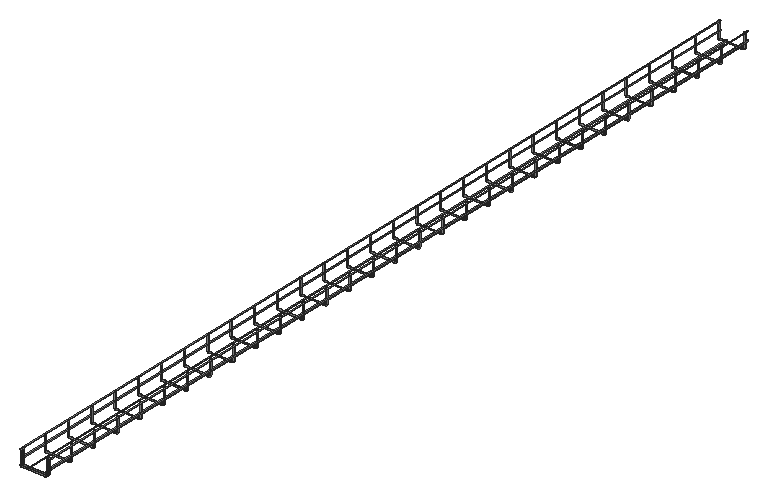
Revit family "Gitterrinne GRM - GRM 55 150 G", category Generic Models, Revit 2017
Family settings
  Can host rebar = No
  Round Connector Dimension = Use Diameter
  Part Type = Normal
  Work Plane-Based = No
  Always vertical = Yes
  Cut with Voids When Loaded = No
  Shared = No
  Room Calculation Point = No
Parameters (values of type "GRM 55 150 G")
  Width 1 = Width / 2  # 75 mm
  Width = 150 mm
  URL = "http://www.obo-bettermann.com"
  Material = Electrogalvanised
  Manufacturer Art.No. = "6001444"
  Manufacturer = "OBO Bettermann"
  Length = 3000 mm
  GTIN = "4012196078974"
  Article Type = "GRM 55 150 G"
Types (5, lengths in mm): name | Material | Manufacturer Art.No. | GTIN | Article Type
  (no name) | Electrogalvanised | "6001444" | "4012196078974" | "GRM 55 150 G"
  GRM 55 150 G | Electrogalvanised | "6001444" | "4012196078974" | "GRM 55 150 G"
  GRM 55 150 A4 | Stainless steel, A4 | "6001090" | "4012195166023" | "GRM 55 150 A4"
  GRM 55 150 A2 | Stainless steel, A2 | "6001074" | "4012196101351" | "GRM 55 150 A42"
  GRM 55 150 FT | Hot-dip galvanised | "6001418" | "4012196078912" | "GRM 55 150 FT"
Reference planes
  plane 1 "Center (Front/Back)": y = 0
  plane 2: z = 0
  plane 3 "Center (Left/Right)": x = 0
  plane 4: y = -2991.37
  plane 5: y = 8.63
Forms (mm)
  Sweep 1, solid, material "Electrogalvanised" <- "Material"
    path in 3D
      loop
        line (-44.9, 0, 0) -> (-44.9, 0, -48.992)
        arc (-44.9, 0, -48.992) -> (-43.755, 0, -51.755) -> (-40.992, 0, -52.9) r 3.908
        line (-40.992, 0, -52.9) -> (41.043, 0, -52.9)
        arc (41.043, 0, -52.9) -> (43.77, 0, -51.77) -> (44.9, 0, -49.043) r 3.857
        line (44.9, 0, -49.043) -> (44.9, 0, 0)
    profile origin (44.9, 0, -24.521) x (-1, 0, 0) y (0, -1, 0)
      loop
        circle (0, 0) r 1.9
  Extrusion 2, solid, material "Electrogalvanised" <- "Material"
    sketch origin (0, 0, 0) x (1, 0, 0) y (0, 0, 1)
      loop
        circle (-48.1, -1.9) r 1.9
      loop
        circle (-48.1, -31) r 1.9
      loop
        circle (-25, -56.1) r 1.9
      loop
        circle (48.1, -1.9) r 1.9
      loop
        circle (48.1, -31) r 1.9
      loop
        circle (25, -56.1) r 1.9
    from -8.63 to 2991.37
  Sweep 3, solid, material "Electrogalvanised" <- "Material"
    path in 3D
      loop
        line (-44.9, -100, 0) -> (-44.9, -100, -48.992)
        arc (-44.9, -100, -48.992) -> (-43.755, -100, -51.755) -> (-40.992, -100, -52.9) r 3.908
        line (-40.992, -100, -52.9) -> (41.043, -100, -52.9)
        arc (41.043, -100, -52.9) -> (43.77, -100, -51.77) -> (44.9, -100, -49.043) r 3.857
        line (44.9, -100, -49.043) -> (44.9, -100, 0)
    profile origin (44.9, -100, -24.521) x (-1, 0, 0) y (0, -1, 0)
      loop
        circle (0, 0) r 1.9
  Sweep 4, solid, material "Electrogalvanised" <- "Material"
    path in 3D
      loop
        line (-44.9, -200, 0) -> (-44.9, -200, -48.992)
        arc (-44.9, -200, -48.992) -> (-43.755, -200, -51.755) -> (-40.992, -200, -52.9) r 3.908
        line (-40.992, -200, -52.9) -> (41.043, -200, -52.9)
        arc (41.043, -200, -52.9) -> (43.77, -200, -51.77) -> (44.9, -200, -49.043) r 3.857
        line (44.9, -200, -49.043) -> (44.9, -200, 0)
    profile origin (44.9, -200, -24.521) x (-1, 0, 0) y (0, -1, 0)
      loop
        circle (0, 0) r 1.9
  Sweep 5, solid, material "Electrogalvanised" <- "Material"
    path in 3D
      loop
        line (-44.9, -300, 0) -> (-44.9, -300, -48.992)
        arc (-44.9, -300, -48.992) -> (-43.755, -300, -51.755) -> (-40.992, -300, -52.9) r 3.908
        line (-40.992, -300, -52.9) -> (41.043, -300, -52.9)
        arc (41.043, -300, -52.9) -> (43.77, -300, -51.77) -> (44.9, -300, -49.043) r 3.857
        line (44.9, -300, -49.043) -> (44.9, -300, 0)
    profile origin (44.9, -300, -24.521) x (-1, 0, 0) y (0, -1, 0)
      loop
        circle (0, 0) r 1.9
  Sweep 6, solid, material "Electrogalvanised" <- "Material"
    path in 3D
      loop
        line (-44.9, -400, 0) -> (-44.9, -400, -48.992)
        arc (-44.9, -400, -48.992) -> (-43.755, -400, -51.755) -> (-40.992, -400, -52.9) r 3.908
        line (-40.992, -400, -52.9) -> (41.043, -400, -52.9)
        arc (41.043, -400, -52.9) -> (43.77, -400, -51.77) -> (44.9, -400, -49.043) r 3.857
        line (44.9, -400, -49.043) -> (44.9, -400, 0)
    profile origin (44.9, -400, -24.521) x (-1, 0, 0) y (0, -1, 0)
      loop
        circle (0, 0) r 1.9
  Sweep 7, solid, material "Electrogalvanised" <- "Material"
    path in 3D
      loop
        line (-44.9, -500, 0) -> (-44.9, -500, -48.992)
        arc (-44.9, -500, -48.992) -> (-43.755, -500, -51.755) -> (-40.992, -500, -52.9) r 3.908
        line (-40.992, -500, -52.9) -> (41.043, -500, -52.9)
        arc (41.043, -500, -52.9) -> (43.77, -500, -51.77) -> (44.9, -500, -49.043) r 3.857
        line (44.9, -500, -49.043) -> (44.9, -500, 0)
    profile origin (44.9, -500, -24.521) x (-1, 0, 0) y (0, -1, 0)
      loop
        circle (0, 0) r 1.9
  Sweep 8, solid, material "Electrogalvanised" <- "Material"
    path in 3D
      loop
        line (-44.9, -600, 0) -> (-44.9, -600, -48.992)
        arc (-44.9, -600, -48.992) -> (-43.755, -600, -51.755) -> (-40.992, -600, -52.9) r 3.908
        line (-40.992, -600, -52.9) -> (41.043, -600, -52.9)
        arc (41.043, -600, -52.9) -> (43.77, -600, -51.77) -> (44.9, -600, -49.043) r 3.857
        line (44.9, -600, -49.043) -> (44.9, -600, 0)
    profile origin (44.9, -600, -24.521) x (-1, 0, 0) y (0, -1, 0)
      loop
        circle (0, 0) r 1.9
  Sweep 9, solid, material "Electrogalvanised" <- "Material"
    path in 3D
      loop
        line (-44.9, -700, 0) -> (-44.9, -700, -48.992)
        arc (-44.9, -700, -48.992) -> (-43.755, -700, -51.755) -> (-40.992, -700, -52.9) r 3.908
        line (-40.992, -700, -52.9) -> (41.043, -700, -52.9)
        arc (41.043, -700, -52.9) -> (43.77, -700, -51.77) -> (44.9, -700, -49.043) r 3.857
        line (44.9, -700, -49.043) -> (44.9, -700, 0)
    profile origin (44.9, -700, -24.521) x (-1, 0, 0) y (0, -1, 0)
      loop
        circle (0, 0) r 1.9
  Sweep 10, solid, material "Electrogalvanised" <- "Material"
    path in 3D
      loop
        line (-44.9, -800, 0) -> (-44.9, -800, -48.992)
        arc (-44.9, -800, -48.992) -> (-43.755, -800, -51.755) -> (-40.992, -800, -52.9) r 3.908
        line (-40.992, -800, -52.9) -> (41.043, -800, -52.9)
        arc (41.043, -800, -52.9) -> (43.77, -800, -51.77) -> (44.9, -800, -49.043) r 3.857
        line (44.9, -800, -49.043) -> (44.9, -800, 0)
    profile origin (44.9, -800, -24.521) x (-1, 0, 0) y (0, -1, 0)
      loop
        circle (0, 0) r 1.9
  Sweep 11, solid, material "Electrogalvanised" <- "Material"
    path in 3D
      loop
        line (-44.9, -900, 0) -> (-44.9, -900, -48.992)
        arc (-44.9, -900, -48.992) -> (-43.755, -900, -51.755) -> (-40.992, -900, -52.9) r 3.908
        line (-40.992, -900, -52.9) -> (41.043, -900, -52.9)
        arc (41.043, -900, -52.9) -> (43.77, -900, -51.77) -> (44.9, -900, -49.043) r 3.857
        line (44.9, -900, -49.043) -> (44.9, -900, 0)
    profile origin (44.9, -900, -24.521) x (-1, 0, 0) y (0, -1, 0)
      loop
        circle (0, 0) r 1.9
  Sweep 12, solid, material "Electrogalvanised" <- "Material"
    path in 3D
      loop
        line (-44.9, -1000, 0) -> (-44.9, -1000, -48.992)
        arc (-44.9, -1000, -48.992) -> (-43.755, -1000, -51.755) -> (-40.992, -1000, -52.9) r 3.908
        line (-40.992, -1000, -52.9) -> (41.043, -1000, -52.9)
        arc (41.043, -1000, -52.9) -> (43.77, -1000, -51.77) -> (44.9, -1000, -49.043) r 3.857
        line (44.9, -1000, -49.043) -> (44.9, -1000, 0)
    profile origin (44.9, -1000, -24.521) x (-1, 0, 0) y (0, -1, 0)
      loop
        circle (0, 0) r 1.9
  Sweep 13, solid, material "Electrogalvanised" <- "Material"
    path in 3D
      loop
        line (-44.9, -1100, 0) -> (-44.9, -1100, -48.992)
        arc (-44.9, -1100, -48.992) -> (-43.755, -1100, -51.755) -> (-40.992, -1100, -52.9) r 3.908
        line (-40.992, -1100, -52.9) -> (41.043, -1100, -52.9)
        arc (41.043, -1100, -52.9) -> (43.77, -1100, -51.77) -> (44.9, -1100, -49.043) r 3.857
        line (44.9, -1100, -49.043) -> (44.9, -1100, 0)
    profile origin (44.9, -1100, -24.521) x (-1, 0, 0) y (0, -1, 0)
      loop
        circle (0, 0) r 1.9
  Sweep 14, solid, material "Electrogalvanised" <- "Material"
    path in 3D
      loop
        line (-44.9, -1200, 0) -> (-44.9, -1200, -48.992)
        arc (-44.9, -1200, -48.992) -> (-43.755, -1200, -51.755) -> (-40.992, -1200, -52.9) r 3.908
        line (-40.992, -1200, -52.9) -> (41.043, -1200, -52.9)
        arc (41.043, -1200, -52.9) -> (43.77, -1200, -51.77) -> (44.9, -1200, -49.043) r 3.857
        line (44.9, -1200, -49.043) -> (44.9, -1200, 0)
    profile origin (44.9, -1200, -24.521) x (-1, 0, 0) y (0, -1, 0)
      loop
        circle (0, 0) r 1.9
  Sweep 15, solid, material "Electrogalvanised" <- "Material"
    path in 3D
      loop
        line (-44.9, -1300, 0) -> (-44.9, -1300, -48.992)
        arc (-44.9, -1300, -48.992) -> (-43.755, -1300, -51.755) -> (-40.992, -1300, -52.9) r 3.908
        line (-40.992, -1300, -52.9) -> (41.043, -1300, -52.9)
        arc (41.043, -1300, -52.9) -> (43.77, -1300, -51.77) -> (44.9, -1300, -49.043) r 3.857
        line (44.9, -1300, -49.043) -> (44.9, -1300, 0)
    profile origin (44.9, -1300, -24.521) x (-1, 0, 0) y (0, -1, 0)
      loop
        circle (0, 0) r 1.9
  Sweep 16, solid, material "Electrogalvanised" <- "Material"
    path in 3D
      loop
        line (-44.9, -1400, 0) -> (-44.9, -1400, -48.992)
        arc (-44.9, -1400, -48.992) -> (-43.755, -1400, -51.755) -> (-40.992, -1400, -52.9) r 3.908
        line (-40.992, -1400, -52.9) -> (41.043, -1400, -52.9)
        arc (41.043, -1400, -52.9) -> (43.77, -1400, -51.77) -> (44.9, -1400, -49.043) r 3.857
        line (44.9, -1400, -49.043) -> (44.9, -1400, 0)
    profile origin (44.9, -1400, -24.521) x (-1, 0, 0) y (0, -1, 0)
      loop
        circle (0, 0) r 1.9
  Sweep 17, solid, material "Electrogalvanised" <- "Material"
    path in 3D
      loop
        line (-44.9, -1500, 0) -> (-44.9, -1500, -48.992)
        arc (-44.9, -1500, -48.992) -> (-43.755, -1500, -51.755) -> (-40.992, -1500, -52.9) r 3.908
        line (-40.992, -1500, -52.9) -> (41.043, -1500, -52.9)
        arc (41.043, -1500, -52.9) -> (43.77, -1500, -51.77) -> (44.9, -1500, -49.043) r 3.857
        line (44.9, -1500, -49.043) -> (44.9, -1500, 0)
    profile origin (44.9, -1500, -24.521) x (-1, 0, 0) y (0, -1, 0)
      loop
        circle (0, 0) r 1.9
  Sweep 18, solid, material "Electrogalvanised" <- "Material"
    path in 3D
      loop
        line (-44.9, -1600, 0) -> (-44.9, -1600, -48.992)
        arc (-44.9, -1600, -48.992) -> (-43.755, -1600, -51.755) -> (-40.992, -1600, -52.9) r 3.908
        line (-40.992, -1600, -52.9) -> (41.043, -1600, -52.9)
        arc (41.043, -1600, -52.9) -> (43.77, -1600, -51.77) -> (44.9, -1600, -49.043) r 3.857
        line (44.9, -1600, -49.043) -> (44.9, -1600, 0)
    profile origin (44.9, -1600, -24.521) x (-1, 0, 0) y (0, -1, 0)
      loop
        circle (0, 0) r 1.9
  Sweep 19, solid, material "Electrogalvanised" <- "Material"
    path in 3D
      loop
        line (-44.9, -1700, 0) -> (-44.9, -1700, -48.992)
        arc (-44.9, -1700, -48.992) -> (-43.755, -1700, -51.755) -> (-40.992, -1700, -52.9) r 3.908
        line (-40.992, -1700, -52.9) -> (41.043, -1700, -52.9)
        arc (41.043, -1700, -52.9) -> (43.77, -1700, -51.77) -> (44.9, -1700, -49.043) r 3.857
        line (44.9, -1700, -49.043) -> (44.9, -1700, 0)
    profile origin (44.9, -1700, -24.521) x (-1, 0, 0) y (0, -1, 0)
      loop
        circle (0, 0) r 1.9
  Sweep 20, solid, material "Electrogalvanised" <- "Material"
    path in 3D
      loop
        line (-44.9, -1800, 0) -> (-44.9, -1800, -48.992)
        arc (-44.9, -1800, -48.992) -> (-43.755, -1800, -51.755) -> (-40.992, -1800, -52.9) r 3.908
        line (-40.992, -1800, -52.9) -> (41.043, -1800, -52.9)
        arc (41.043, -1800, -52.9) -> (43.77, -1800, -51.77) -> (44.9, -1800, -49.043) r 3.857
        line (44.9, -1800, -49.043) -> (44.9, -1800, 0)
    profile origin (44.9, -1800, -24.521) x (-1, 0, 0) y (0, -1, 0)
      loop
        circle (0, 0) r 1.9
  Sweep 21, solid, material "Electrogalvanised" <- "Material"
    path in 3D
      loop
        line (-44.9, -1900, 0) -> (-44.9, -1900, -48.992)
        arc (-44.9, -1900, -48.992) -> (-43.755, -1900, -51.755) -> (-40.992, -1900, -52.9) r 3.908
        line (-40.992, -1900, -52.9) -> (41.043, -1900, -52.9)
        arc (41.043, -1900, -52.9) -> (43.77, -1900, -51.77) -> (44.9, -1900, -49.043) r 3.857
        line (44.9, -1900, -49.043) -> (44.9, -1900, 0)
    profile origin (44.9, -1900, -24.521) x (-1, 0, 0) y (0, -1, 0)
      loop
        circle (0, 0) r 1.9
  Sweep 22, solid, material "Electrogalvanised" <- "Material"
    path in 3D
      loop
        line (-44.9, -2000, 0) -> (-44.9, -2000, -48.992)
        arc (-44.9, -2000, -48.992) -> (-43.755, -2000, -51.755) -> (-40.992, -2000, -52.9) r 3.908
        line (-40.992, -2000, -52.9) -> (41.043, -2000, -52.9)
        arc (41.043, -2000, -52.9) -> (43.77, -2000, -51.77) -> (44.9, -2000, -49.043) r 3.857
        line (44.9, -2000, -49.043) -> (44.9, -2000, 0)
    profile origin (44.9, -2000, -24.521) x (-1, 0, 0) y (0, -1, 0)
      loop
        circle (0, 0) r 1.9
  Sweep 23, solid, material "Electrogalvanised" <- "Material"
    path in 3D
      loop
        line (-44.9, -2100, 0) -> (-44.9, -2100, -48.992)
        arc (-44.9, -2100, -48.992) -> (-43.755, -2100, -51.755) -> (-40.992, -2100, -52.9) r 3.908
        line (-40.992, -2100, -52.9) -> (41.043, -2100, -52.9)
        arc (41.043, -2100, -52.9) -> (43.77, -2100, -51.77) -> (44.9, -2100, -49.043) r 3.857
        line (44.9, -2100, -49.043) -> (44.9, -2100, 0)
    profile origin (44.9, -2100, -24.521) x (-1, 0, 0) y (0, -1, 0)
      loop
        circle (0, 0) r 1.9
  Sweep 24, solid, material "Electrogalvanised" <- "Material"
    path in 3D
      loop
        line (-44.9, -2200, 0) -> (-44.9, -2200, -48.992)
        arc (-44.9, -2200, -48.992) -> (-43.755, -2200, -51.755) -> (-40.992, -2200, -52.9) r 3.908
        line (-40.992, -2200, -52.9) -> (41.043, -2200, -52.9)
        arc (41.043, -2200, -52.9) -> (43.77, -2200, -51.77) -> (44.9, -2200, -49.043) r 3.857
        line (44.9, -2200, -49.043) -> (44.9, -2200, 0)
    profile origin (44.9, -2200, -24.521) x (-1, 0, 0) y (0, -1, 0)
      loop
        circle (0, 0) r 1.9
  Sweep 25, solid, material "Electrogalvanised" <- "Material"
    path in 3D
      loop
        line (-44.9, -2300, 0) -> (-44.9, -2300, -48.992)
        arc (-44.9, -2300, -48.992) -> (-43.755, -2300, -51.755) -> (-40.992, -2300, -52.9) r 3.908
        line (-40.992, -2300, -52.9) -> (41.043, -2300, -52.9)
        arc (41.043, -2300, -52.9) -> (43.77, -2300, -51.77) -> (44.9, -2300, -49.043) r 3.857
        line (44.9, -2300, -49.043) -> (44.9, -2300, 0)
    profile origin (44.9, -2300, -24.521) x (-1, 0, 0) y (0, -1, 0)
      loop
        circle (0, 0) r 1.9
  Sweep 26, solid, material "Electrogalvanised" <- "Material"
    path in 3D
      loop
        line (-44.9, -2400, 0) -> (-44.9, -2400, -48.992)
        arc (-44.9, -2400, -48.992) -> (-43.755, -2400, -51.755) -> (-40.992, -2400, -52.9) r 3.908
        line (-40.992, -2400, -52.9) -> (41.043, -2400, -52.9)
        arc (41.043, -2400, -52.9) -> (43.77, -2400, -51.77) -> (44.9, -2400, -49.043) r 3.857
        line (44.9, -2400, -49.043) -> (44.9, -2400, 0)
    profile origin (44.9, -2400, -24.521) x (-1, 0, 0) y (0, -1, 0)
      loop
        circle (0, 0) r 1.9
  Sweep 27, solid, material "Electrogalvanised" <- "Material"
    path in 3D
      loop
        line (-44.9, -2500, 0) -> (-44.9, -2500, -48.992)
        arc (-44.9, -2500, -48.992) -> (-43.755, -2500, -51.755) -> (-40.992, -2500, -52.9) r 3.908
        line (-40.992, -2500, -52.9) -> (41.043, -2500, -52.9)
        arc (41.043, -2500, -52.9) -> (43.77, -2500, -51.77) -> (44.9, -2500, -49.043) r 3.857
        line (44.9, -2500, -49.043) -> (44.9, -2500, 0)
    profile origin (44.9, -2500, -24.521) x (-1, 0, 0) y (0, -1, 0)
      loop
        circle (0, 0) r 1.9
  Sweep 28, solid, material "Electrogalvanised" <- "Material"
    path in 3D
      loop
        line (-44.9, -2600, 0) -> (-44.9, -2600, -48.992)
        arc (-44.9, -2600, -48.992) -> (-43.755, -2600, -51.755) -> (-40.992, -2600, -52.9) r 3.908
        line (-40.992, -2600, -52.9) -> (41.043, -2600, -52.9)
        arc (41.043, -2600, -52.9) -> (43.77, -2600, -51.77) -> (44.9, -2600, -49.043) r 3.857
        line (44.9, -2600, -49.043) -> (44.9, -2600, 0)
    profile origin (44.9, -2600, -24.521) x (-1, 0, 0) y (0, -1, 0)
      loop
        circle (0, 0) r 1.9
  Sweep 29, solid, material "Electrogalvanised" <- "Material"
    path in 3D
      loop
        line (-44.9, -2700, 0) -> (-44.9, -2700, -48.992)
        arc (-44.9, -2700, -48.992) -> (-43.755, -2700, -51.755) -> (-40.992, -2700, -52.9) r 3.908
        line (-40.992, -2700, -52.9) -> (41.043, -2700, -52.9)
        arc (41.043, -2700, -52.9) -> (43.77, -2700, -51.77) -> (44.9, -2700, -49.043) r 3.857
        line (44.9, -2700, -49.043) -> (44.9, -2700, 0)
    profile origin (44.9, -2700, -24.521) x (-1, 0, 0) y (0, -1, 0)
      loop
        circle (0, 0) r 1.9
  Sweep 30, solid, material "Electrogalvanised" <- "Material"
    path in 3D
      loop
        line (-44.9, -2800, 0) -> (-44.9, -2800, -48.992)
        arc (-44.9, -2800, -48.992) -> (-43.755, -2800, -51.755) -> (-40.992, -2800, -52.9) r 3.908
        line (-40.992, -2800, -52.9) -> (41.043, -2800, -52.9)
        arc (41.043, -2800, -52.9) -> (43.77, -2800, -51.77) -> (44.9, -2800, -49.043) r 3.857
        line (44.9, -2800, -49.043) -> (44.9, -2800, 0)
    profile origin (44.9, -2800, -24.521) x (-1, 0, 0) y (0, -1, 0)
      loop
        circle (0, 0) r 1.9
  Sweep 31, solid, material "Electrogalvanised" <- "Material"
    path in 3D
      loop
        line (-44.9, -2900, 0) -> (-44.9, -2900, -48.992)
        arc (-44.9, -2900, -48.992) -> (-43.755, -2900, -51.755) -> (-40.992, -2900, -52.9) r 3.908
        line (-40.992, -2900, -52.9) -> (41.043, -2900, -52.9)
        arc (41.043, -2900, -52.9) -> (43.77, -2900, -51.77) -> (44.9, -2900, -49.043) r 3.857
        line (44.9, -2900, -49.043) -> (44.9, -2900, 0)
    profile origin (44.9, -2900, -24.521) x (-1, 0, 0) y (0, -1, 0)
      loop
        circle (0, 0) r 1.9
  Sweep 32, solid, material "Electrogalvanised" <- "Material"
    path in 3D
      loop
        line (-44.9, -2995.782, 0) -> (-44.9, -2995.782, -48.992)
        arc (-44.9, -2995.782, -48.992) -> (-43.755, -2995.782, -51.755) -> (-40.992, -2995.782, -52.9) r 3.908
        line (-40.992, -2995.782, -52.9) -> (41.043, -2995.782, -52.9)
        arc (41.043, -2995.782, -52.9) -> (43.77, -2995.782, -51.77) -> (44.9, -2995.782, -49.043) r 3.857
        line (44.9, -2995.782, -49.043) -> (44.9, -2995.782, 0)
    profile origin (44.9, -2995.782, -24.521) x (-1, 0, 0) y (0, -1, 0)
      loop
        circle (0, 0) r 1.9
  Sweep 33, solid, material "Electrogalvanised" <- "Material"
    path in 3D
      loop
        line (-44.9, -3004.099, 0) -> (-44.9, -3004.099, -48.992)
        arc (-44.9, -3004.099, -48.992) -> (-43.755, -3004.099, -51.755) -> (-40.992, -3004.099, -52.9) r 3.908
        line (-40.992, -3004.099, -52.9) -> (41.043, -3004.099, -52.9)
        arc (41.043, -3004.099, -52.9) -> (43.77, -3004.099, -51.77) -> (44.9, -3004.099, -49.043) r 3.857
        line (44.9, -3004.099, -49.043) -> (44.9, -3004.099, 0)
    profile origin (44.9, -3004.099, -24.521) x (-1, 0, 0) y (0, -1, 0)
      loop
        circle (0, 0) r 1.9
Lines and regions (mm)
  reference lines
    curve 1: line (-75, 0, 0) -> (-75, 0, -48.992)
    curve 2: line (-71.092, 0, -52.9) -> (71.143, 0, -52.9)
    curve 3: line (75, 0, -49.043) -> (75, 0, 0)
    curve 4: arc (71.143, 0, -52.9) -> (73.87, 0, -51.77) -> (75, 0, -49.043) r 3.857
    curve 5: arc (-75, 0, -48.992) -> (-73.855, 0, -51.755) -> (-71.092, 0, -52.9) r 3.908
  sketch lines
    curve 6: line (44.9, 0, -49.043) -> (44.9, 0, 0)
    curve 7: arc (41.043, 0, -52.9) -> (43.77, 0, -51.77) -> (44.9, 0, -49.043) r 3.857
    curve 8: line (-40.992, 0, -52.9) -> (41.043, 0, -52.9)
    curve 9: arc (-44.9, 0, -48.992) -> (-43.755, 0, -51.755) -> (-40.992, 0, -52.9) r 3.908
    curve 10: line (-44.9, 0, 0) -> (-44.9, 0, -48.992)
    curve 11: line (44.9, -100, -49.043) -> (44.9, -100, 0)
    curve 12: arc (41.043, -100, -52.9) -> (43.77, -100, -51.77) -> (44.9, -100, -49.043) r 3.857
    curve 13: line (-40.992, -100, -52.9) -> (41.043, -100, -52.9)
    curve 14: arc (-44.9, -100, -48.992) -> (-43.755, -100, -51.755) -> (-40.992, -100, -52.9) r 3.908
    curve 15: line (-44.9, -100, 0) -> (-44.9, -100, -48.992)
    curve 16: line (44.9, -200, -49.043) -> (44.9, -200, 0)
    curve 17: arc (41.043, -200, -52.9) -> (43.77, -200, -51.77) -> (44.9, -200, -49.043) r 3.857
    curve 18: line (-40.992, -200, -52.9) -> (41.043, -200, -52.9)
    curve 19: arc (-44.9, -200, -48.992) -> (-43.755, -200, -51.755) -> (-40.992, -200, -52.9) r 3.908
    curve 20: line (-44.9, -200, 0) -> (-44.9, -200, -48.992)
    curve 21: line (44.9, -300, -49.043) -> (44.9, -300, 0)
    curve 22: arc (41.043, -300, -52.9) -> (43.77, -300, -51.77) -> (44.9, -300, -49.043) r 3.857
    curve 23: line (-40.992, -300, -52.9) -> (41.043, -300, -52.9)
    curve 24: arc (-44.9, -300, -48.992) -> (-43.755, -300, -51.755) -> (-40.992, -300, -52.9) r 3.908
    curve 25: line (-44.9, -300, 0) -> (-44.9, -300, -48.992)
    curve 26: line (44.9, -400, -49.043) -> (44.9, -400, 0)
    curve 27: arc (41.043, -400, -52.9) -> (43.77, -400, -51.77) -> (44.9, -400, -49.043) r 3.857
    curve 28: line (-40.992, -400, -52.9) -> (41.043, -400, -52.9)
    curve 29: arc (-44.9, -400, -48.992) -> (-43.755, -400, -51.755) -> (-40.992, -400, -52.9) r 3.908
    curve 30: line (-44.9, -400, 0) -> (-44.9, -400, -48.992)
    curve 31: line (44.9, -500, -49.043) -> (44.9, -500, 0)
    curve 32: arc (41.043, -500, -52.9) -> (43.77, -500, -51.77) -> (44.9, -500, -49.043) r 3.857
    curve 33: line (-40.992, -500, -52.9) -> (41.043, -500, -52.9)
    curve 34: arc (-44.9, -500, -48.992) -> (-43.755, -500, -51.755) -> (-40.992, -500, -52.9) r 3.908
    curve 35: line (-44.9, -500, 0) -> (-44.9, -500, -48.992)
    curve 36: line (44.9, -600, -49.043) -> (44.9, -600, 0)
    curve 37: arc (41.043, -600, -52.9) -> (43.77, -600, -51.77) -> (44.9, -600, -49.043) r 3.857
    curve 38: line (-40.992, -600, -52.9) -> (41.043, -600, -52.9)
    curve 39: arc (-44.9, -600, -48.992) -> (-43.755, -600, -51.755) -> (-40.992, -600, -52.9) r 3.908
    curve 40: line (-44.9, -600, 0) -> (-44.9, -600, -48.992)
    curve 41: line (44.9, -700, -49.043) -> (44.9, -700, 0)
    curve 42: arc (41.043, -700, -52.9) -> (43.77, -700, -51.77) -> (44.9, -700, -49.043) r 3.857
    curve 43: line (-40.992, -700, -52.9) -> (41.043, -700, -52.9)
    curve 44: arc (-44.9, -700, -48.992) -> (-43.755, -700, -51.755) -> (-40.992, -700, -52.9) r 3.908
    curve 45: line (-44.9, -700, 0) -> (-44.9, -700, -48.992)
    curve 46: line (44.9, -800, -49.043) -> (44.9, -800, 0)
    curve 47: arc (41.043, -800, -52.9) -> (43.77, -800, -51.77) -> (44.9, -800, -49.043) r 3.857
    curve 48: line (-40.992, -800, -52.9) -> (41.043, -800, -52.9)
    curve 49: arc (-44.9, -800, -48.992) -> (-43.755, -800, -51.755) -> (-40.992, -800, -52.9) r 3.908
    curve 50: line (-44.9, -800, 0) -> (-44.9, -800, -48.992)
    curve 51: line (44.9, -900, -49.043) -> (44.9, -900, 0)
    curve 52: arc (41.043, -900, -52.9) -> (43.77, -900, -51.77) -> (44.9, -900, -49.043) r 3.857
    curve 53: line (-40.992, -900, -52.9) -> (41.043, -900, -52.9)
    curve 54: arc (-44.9, -900, -48.992) -> (-43.755, -900, -51.755) -> (-40.992, -900, -52.9) r 3.908
    curve 55: line (-44.9, -900, 0) -> (-44.9, -900, -48.992)
    curve 56: line (44.9, -1000, -49.043) -> (44.9, -1000, 0)
    curve 57: arc (41.043, -1000, -52.9) -> (43.77, -1000, -51.77) -> (44.9, -1000, -49.043) r 3.857
    curve 58: line (-40.992, -1000, -52.9) -> (41.043, -1000, -52.9)
    curve 59: arc (-44.9, -1000, -48.992) -> (-43.755, -1000, -51.755) -> (-40.992, -1000, -52.9) r 3.908
    curve 60: line (-44.9, -1000, 0) -> (-44.9, -1000, -48.992)
    curve 61: line (44.9, -1100, -49.043) -> (44.9, -1100, 0)
    curve 62: arc (41.043, -1100, -52.9) -> (43.77, -1100, -51.77) -> (44.9, -1100, -49.043) r 3.857
    curve 63: line (-40.992, -1100, -52.9) -> (41.043, -1100, -52.9)
    curve 64: arc (-44.9, -1100, -48.992) -> (-43.755, -1100, -51.755) -> (-40.992, -1100, -52.9) r 3.908
    curve 65: line (-44.9, -1100, 0) -> (-44.9, -1100, -48.992)
    curve 66: line (44.9, -1200, -49.043) -> (44.9, -1200, 0)
    curve 67: arc (41.043, -1200, -52.9) -> (43.77, -1200, -51.77) -> (44.9, -1200, -49.043) r 3.857
    curve 68: line (-40.992, -1200, -52.9) -> (41.043, -1200, -52.9)
    curve 69: arc (-44.9, -1200, -48.992) -> (-43.755, -1200, -51.755) -> (-40.992, -1200, -52.9) r 3.908
    curve 70: line (-44.9, -1200, 0) -> (-44.9, -1200, -48.992)
    curve 71: line (44.9, -1300, -49.043) -> (44.9, -1300, 0)
    curve 72: arc (41.043, -1300, -52.9) -> (43.77, -1300, -51.77) -> (44.9, -1300, -49.043) r 3.857
    curve 73: line (-40.992, -1300, -52.9) -> (41.043, -1300, -52.9)
    curve 74: arc (-44.9, -1300, -48.992) -> (-43.755, -1300, -51.755) -> (-40.992, -1300, -52.9) r 3.908
    curve 75: line (-44.9, -1300, 0) -> (-44.9, -1300, -48.992)
    curve 76: line (44.9, -1400, -49.043) -> (44.9, -1400, 0)
    curve 77: arc (41.043, -1400, -52.9) -> (43.77, -1400, -51.77) -> (44.9, -1400, -49.043) r 3.857
    curve 78: line (-40.992, -1400, -52.9) -> (41.043, -1400, -52.9)
    curve 79: arc (-44.9, -1400, -48.992) -> (-43.755, -1400, -51.755) -> (-40.992, -1400, -52.9) r 3.908
    curve 80: line (-44.9, -1400, 0) -> (-44.9, -1400, -48.992)
    curve 81: line (44.9, -1500, -49.043) -> (44.9, -1500, 0)
    curve 82: arc (41.043, -1500, -52.9) -> (43.77, -1500, -51.77) -> (44.9, -1500, -49.043) r 3.857
    curve 83: line (-40.992, -1500, -52.9) -> (41.043, -1500, -52.9)
    curve 84: arc (-44.9, -1500, -48.992) -> (-43.755, -1500, -51.755) -> (-40.992, -1500, -52.9) r 3.908
    curve 85: line (-44.9, -1500, 0) -> (-44.9, -1500, -48.992)
    curve 86: line (44.9, -1600, -49.043) -> (44.9, -1600, 0)
    curve 87: arc (41.043, -1600, -52.9) -> (43.77, -1600, -51.77) -> (44.9, -1600, -49.043) r 3.857
    curve 88: line (-40.992, -1600, -52.9) -> (41.043, -1600, -52.9)
    curve 89: arc (-44.9, -1600, -48.992) -> (-43.755, -1600, -51.755) -> (-40.992, -1600, -52.9) r 3.908
    curve 90: line (-44.9, -1600, 0) -> (-44.9, -1600, -48.992)
    curve 91: line (44.9, -1700, -49.043) -> (44.9, -1700, 0)
    curve 92: arc (41.043, -1700, -52.9) -> (43.77, -1700, -51.77) -> (44.9, -1700, -49.043) r 3.857
    curve 93: line (-40.992, -1700, -52.9) -> (41.043, -1700, -52.9)
    curve 94: arc (-44.9, -1700, -48.992) -> (-43.755, -1700, -51.755) -> (-40.992, -1700, -52.9) r 3.908
    curve 95: line (-44.9, -1700, 0) -> (-44.9, -1700, -48.992)
    curve 96: line (44.9, -1800, -49.043) -> (44.9, -1800, 0)
    curve 97: arc (41.043, -1800, -52.9) -> (43.77, -1800, -51.77) -> (44.9, -1800, -49.043) r 3.857
    curve 98: line (-40.992, -1800, -52.9) -> (41.043, -1800, -52.9)
    curve 99: arc (-44.9, -1800, -48.992) -> (-43.755, -1800, -51.755) -> (-40.992, -1800, -52.9) r 3.908
    curve 100: line (-44.9, -1800, 0) -> (-44.9, -1800, -48.992)
    curve 101: line (44.9, -1900, -49.043) -> (44.9, -1900, 0)
    curve 102: arc (41.043, -1900, -52.9) -> (43.77, -1900, -51.77) -> (44.9, -1900, -49.043) r 3.857
    curve 103: line (-40.992, -1900, -52.9) -> (41.043, -1900, -52.9)
    curve 104: arc (-44.9, -1900, -48.992) -> (-43.755, -1900, -51.755) -> (-40.992, -1900, -52.9) r 3.908
    curve 105: line (-44.9, -1900, 0) -> (-44.9, -1900, -48.992)
    curve 106: line (44.9, -2000, -49.043) -> (44.9, -2000, 0)
    curve 107: arc (41.043, -2000, -52.9) -> (43.77, -2000, -51.77) -> (44.9, -2000, -49.043) r 3.857
    curve 108: line (-40.992, -2000, -52.9) -> (41.043, -2000, -52.9)
    curve 109: arc (-44.9, -2000, -48.992) -> (-43.755, -2000, -51.755) -> (-40.992, -2000, -52.9) r 3.908
    curve 110: line (-44.9, -2000, 0) -> (-44.9, -2000, -48.992)
    curve 111: line (44.9, -2100, -49.043) -> (44.9, -2100, 0)
    curve 112: arc (41.043, -2100, -52.9) -> (43.77, -2100, -51.77) -> (44.9, -2100, -49.043) r 3.857
    curve 113: line (-40.992, -2100, -52.9) -> (41.043, -2100, -52.9)
    curve 114: arc (-44.9, -2100, -48.992) -> (-43.755, -2100, -51.755) -> (-40.992, -2100, -52.9) r 3.908
    curve 115: line (-44.9, -2100, 0) -> (-44.9, -2100, -48.992)
    curve 116: line (44.9, -2200, -49.043) -> (44.9, -2200, 0)
    curve 117: arc (41.043, -2200, -52.9) -> (43.77, -2200, -51.77) -> (44.9, -2200, -49.043) r 3.857
    curve 118: line (-40.992, -2200, -52.9) -> (41.043, -2200, -52.9)
    curve 119: arc (-44.9, -2200, -48.992) -> (-43.755, -2200, -51.755) -> (-40.992, -2200, -52.9) r 3.908
    curve 120: line (-44.9, -2200, 0) -> (-44.9, -2200, -48.992)
    curve 121: line (44.9, -2300, -49.043) -> (44.9, -2300, 0)
    curve 122: arc (41.043, -2300, -52.9) -> (43.77, -2300, -51.77) -> (44.9, -2300, -49.043) r 3.857
    curve 123: line (-40.992, -2300, -52.9) -> (41.043, -2300, -52.9)
    curve 124: arc (-44.9, -2300, -48.992) -> (-43.755, -2300, -51.755) -> (-40.992, -2300, -52.9) r 3.908
    curve 125: line (-44.9, -2300, 0) -> (-44.9, -2300, -48.992)
    curve 126: line (44.9, -2400, -49.043) -> (44.9, -2400, 0)
    curve 127: arc (41.043, -2400, -52.9) -> (43.77, -2400, -51.77) -> (44.9, -2400, -49.043) r 3.857
    curve 128: line (-40.992, -2400, -52.9) -> (41.043, -2400, -52.9)
    curve 129: arc (-44.9, -2400, -48.992) -> (-43.755, -2400, -51.755) -> (-40.992, -2400, -52.9) r 3.908
    curve 130: line (-44.9, -2400, 0) -> (-44.9, -2400, -48.992)
    curve 131: line (44.9, -2500, -49.043) -> (44.9, -2500, 0)
    curve 132: arc (41.043, -2500, -52.9) -> (43.77, -2500, -51.77) -> (44.9, -2500, -49.043) r 3.857
    curve 133: line (-40.992, -2500, -52.9) -> (41.043, -2500, -52.9)
    curve 134: arc (-44.9, -2500, -48.992) -> (-43.755, -2500, -51.755) -> (-40.992, -2500, -52.9) r 3.908
    curve 135: line (-44.9, -2500, 0) -> (-44.9, -2500, -48.992)
    curve 136: line (44.9, -2600, -49.043) -> (44.9, -2600, 0)
    curve 137: arc (41.043, -2600, -52.9) -> (43.77, -2600, -51.77) -> (44.9, -2600, -49.043) r 3.857
    curve 138: line (-40.992, -2600, -52.9) -> (41.043, -2600, -52.9)
    curve 139: arc (-44.9, -2600, -48.992) -> (-43.755, -2600, -51.755) -> (-40.992, -2600, -52.9) r 3.908
    curve 140: line (-44.9, -2600, 0) -> (-44.9, -2600, -48.992)
    curve 141: line (44.9, -2700, -49.043) -> (44.9, -2700, 0)
    curve 142: arc (41.043, -2700, -52.9) -> (43.77, -2700, -51.77) -> (44.9, -2700, -49.043) r 3.857
    curve 143: line (-40.992, -2700, -52.9) -> (41.043, -2700, -52.9)
    curve 144: arc (-44.9, -2700, -48.992) -> (-43.755, -2700, -51.755) -> (-40.992, -2700, -52.9) r 3.908
    curve 145: line (-44.9, -2700, 0) -> (-44.9, -2700, -48.992)
    curve 146: line (44.9, -2800, -49.043) -> (44.9, -2800, 0)
    curve 147: arc (41.043, -2800, -52.9) -> (43.77, -2800, -51.77) -> (44.9, -2800, -49.043) r 3.857
    curve 148: line (-40.992, -2800, -52.9) -> (41.043, -2800, -52.9)
    curve 149: arc (-44.9, -2800, -48.992) -> (-43.755, -2800, -51.755) -> (-40.992, -2800, -52.9) r 3.908
    curve 150: line (-44.9, -2800, 0) -> (-44.9, -2800, -48.992)
    curve 151: line (44.9, -2900, -49.043) -> (44.9, -2900, 0)
    curve 152: arc (41.043, -2900, -52.9) -> (43.77, -2900, -51.77) -> (44.9, -2900, -49.043) r 3.857
    curve 153: line (-40.992, -2900, -52.9) -> (41.043, -2900, -52.9)
    curve 154: arc (-44.9, -2900, -48.992) -> (-43.755, -2900, -51.755) -> (-40.992, -2900, -52.9) r 3.908
    curve 155: line (-44.9, -2900, 0) -> (-44.9, -2900, -48.992)
    curve 156: line (44.9, -2995.782, -49.043) -> (44.9, -2995.782, 0)
    curve 157: arc (41.043, -2995.782, -52.9) -> (43.77, -2995.782, -51.77) -> (44.9, -2995.782, -49.043) r 3.857
    curve 158: line (-40.992, -2995.782, -52.9) -> (41.043, -2995.782, -52.9)
    curve 159: arc (-44.9, -2995.782, -48.992) -> (-43.755, -2995.782, -51.755) -> (-40.992, -2995.782, -52.9) r 3.908
    curve 160: line (-44.9, -2995.782, 0) -> (-44.9, -2995.782, -48.992)
    curve 161: line (44.9, -3004.099, -49.043) -> (44.9, -3004.099, 0)
    curve 162: arc (41.043, -3004.099, -52.9) -> (43.77, -3004.099, -51.77) -> (44.9, -3004.099, -49.043) r 3.857
    curve 163: line (-40.992, -3004.099, -52.9) -> (41.043, -3004.099, -52.9)
    curve 164: arc (-44.9, -3004.099, -48.992) -> (-43.755, -3004.099, -51.755) -> (-40.992, -3004.099, -52.9) r 3.908
    curve 165: line (-44.9, -3004.099, 0) -> (-44.9, -3004.099, -48.992)
Dimensions and locks
  "Width": curve 1 to curve 3
  "Width 1": curve 1 to plane 3 "Center (Left/Right)"
  locked: level to curve 2 at 52.9
  locked: plane 3 "Center (Left/Right)" to Extrusion 2 sketch curve at 48.1  (x2)
  locked: Extrusion 2 sketch curve to curve 2 at 51  (x2)
  locked: Extrusion 2 sketch curve to curve 2 at 21.9  (x2)
  locked: plane 3 "Center (Left/Right)" to Extrusion 2 sketch curve at 25
  locked: curve 2 to Extrusion 2 sketch curve at 3.2  (x2)
  locked: Extrusion 2 sketch curve to plane 3 "Center (Left/Right)" at 48.1  (x2)
  locked: Extrusion 2 sketch curve to plane 3 "Center (Left/Right)" at 25
  locked: plane 1 "Center (Front/Back)" to plane 5 at 8.63
  "Length": plane 5 to plane 4
  radius of curve 5 = 3.908 mm
  radius of curve 4 = 3.857 mm
  diameter of Sweep 1 sketch curve = 3.8 mm
  diameter of Extrusion 2 sketch curve = 3.8 mm  (x6)
  diameter of Sweep 3 sketch curve = 3.8 mm
  diameter of Sweep 4 sketch curve = 3.8 mm
  diameter of Sweep 5 sketch curve = 3.8 mm
  diameter of Sweep 6 sketch curve = 3.8 mm
  diameter of Sweep 7 sketch curve = 3.8 mm
  diameter of Sweep 8 sketch curve = 3.8 mm
  diameter of Sweep 9 sketch curve = 3.8 mm
  diameter of Sweep 10 sketch curve = 3.8 mm
  diameter of Sweep 11 sketch curve = 3.8 mm
  diameter of Sweep 12 sketch curve = 3.8 mm
  diameter of Sweep 13 sketch curve = 3.8 mm
  diameter of Sweep 14 sketch curve = 3.8 mm
  diameter of Sweep 15 sketch curve = 3.8 mm
  diameter of Sweep 16 sketch curve = 3.8 mm
  diameter of Sweep 17 sketch curve = 3.8 mm
  diameter of Sweep 18 sketch curve = 3.8 mm
  diameter of Sweep 19 sketch curve = 3.8 mm
  diameter of Sweep 20 sketch curve = 3.8 mm
  diameter of Sweep 21 sketch curve = 3.8 mm
  diameter of Sweep 22 sketch curve = 3.8 mm
  diameter of Sweep 23 sketch curve = 3.8 mm
  diameter of Sweep 24 sketch curve = 3.8 mm
  diameter of Sweep 25 sketch curve = 3.8 mm
  diameter of Sweep 26 sketch curve = 3.8 mm
  diameter of Sweep 27 sketch curve = 3.8 mm
  diameter of Sweep 28 sketch curve = 3.8 mm
  diameter of Sweep 29 sketch curve = 3.8 mm
  diameter of Sweep 30 sketch curve = 3.8 mm
  diameter of Sweep 31 sketch curve = 3.8 mm
  diameter of Sweep 32 sketch curve = 3.8 mm
  diameter of Sweep 33 sketch curve = 3.8 mm
  aligned and locked: level to plane 2
  aligned and locked: plane 2 to curve 3
  aligned and locked: plane 2 to curve 1
  aligned and locked: plane 5 to Extrusion 2
  aligned and locked: Extrusion 2 to plane 4
Automatic sketch dimensions
  Sweep 29 sketch curve to profile plane = 0 mm
  profile plane to Sweep 29 sketch curve = 0 mm
  Sweep 33 sketch curve to profile plane = 0 mm
  profile plane to Sweep 33 sketch curve = 0 mm
